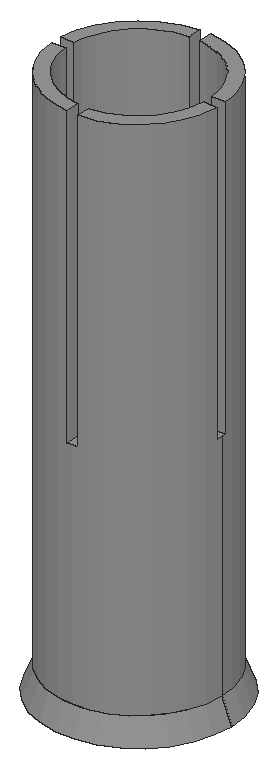
Revit family "Einschlaganker ES M 10x40", category Generic Models, Revit 2017
Family settings
  Can host rebar = No
  Round Connector Dimension = Use Diameter
  Part Type = Normal
  Work Plane-Based = No
  Always vertical = Yes
  Cut with Voids When Loaded = No
  Shared = No
  Room Calculation Point = No
Parameters (values of type "ES M 10x40")
  URL = "http://www.obo-bettermann.com"
  Material = Electrogalvanised
  Manufacturer Art.No. = "3492024"
  Manufacturer = "OBO BETTERMANN"
  GTIN = "4012196709656"
  Article Type = "ES M 10x40"
Reference planes
  plane 1 "Center (Front/Back)": y = 0
  plane 2: z = 0
  plane 3 "Center (Left/Right)": x = 0
  plane 4: z = 40
  plane 5: z = 1.73
  plane 6: x = -6.7
  plane 7: x = 6.7
  plane 8: z = 18.5
  plane 9: z = 18.5
  plane 10: through (0, 0, 1200) normal (-0.7071, -0.7071, 0)
  plane 11: z = 18.5
  plane 12: z = 18.5
Forms (mm)
  Extrusion 1, solid, material "Electrogalvanised" <- "Material"
    sketch origin (0, 0, 0) x (1, 0, 0) y (0, 1, 0)
      loop
        circle (0, 0) r 6
      loop
        circle (0, 0) r 5
    from 1.73 to 40
  Revolve 2, solid, material "Electrogalvanised" <- "Material"
    sketch origin (0, 0, 0) x (1, 0, 0) y (0, 0, 1)
      loop
        line (6, 1.73) -> (5.001, 1.73) -> (5.001, 0) -> (6.7, 0) -> (6, 1.73)
      axis (0, 1.73) -> (0, 0)
    angle from 0 to 360
  Extrusion 3, void
    sketch origin (0, 0, 0) x (1, 0, 0) y (0, 0, 1)
      loop
        line (-0.4, 40) -> (-0.4, 18.5) -> (0.4, 18.5) -> (0.4, 40) -> (-0.4, 40)
    from 4.761 to 6.767
  Extrusion 4, void
    sketch origin (0, 0, 0) x (1, 0, 0) y (0, 0, -1)
      loop
        line (-0.4, -40) -> (0.4, -40) -> (0.4, -18.5) -> (-0.4, -18.5) -> (-0.4, -40)
    from 4.761 to 6.767
  Extrusion 5, void
    sketch origin (0, 0, 0) x (0, -1, 0) y (0, 0, -1)
      loop
        line (-0.4, -40) -> (0.4, -40) -> (0.4, -18.5) -> (-0.4, -18.5) -> (-0.4, -40)
    from 4.761 to 6.767
  Extrusion 6, void
    sketch origin (0, 0, 0) x (0, -1, 0) y (0, 0, 1)
      loop
        line (-0.4, 40) -> (-0.4, 18.5) -> (0.4, 18.5) -> (0.4, 40) -> (-0.4, 40)
    from 4.761 to 6.767
Cuts and joins
  Extrusion 3, Extrusion 4, Extrusion 5, Extrusion 6 cuts Extrusion 1
Dimensions and locks
  locked: plane 3 "Center (Left/Right)" to Extrusion 1 sketch curve  (x2)
  locked: plane 3 "Center (Left/Right)" to Extrusion 1 sketch curve at 5
  locked: plane 3 "Center (Left/Right)" to Extrusion 1 sketch curve at 6
  locked: Extrusion 1 to level at 1.73
  locked: plane 4 to level at 40
  locked: Extrusion 1 to Revolve 2 sketch curve at 1.73
  locked: Revolve 2 sketch curve to Revolve 2 sketch curve at 0.999
  locked: Revolve 2 sketch curve to Revolve 2 sketch curve at 1.699
  locked: Extrusion 1 to Revolve 2 at 40
  locked: Extrusion 1 to plane 8 at 21.5
  locked: Extrusion 3 sketch curve to Extrusion 3 sketch curve at 0.8
  locked: plane 3 "Center (Left/Right)" to Extrusion 3 sketch curve at 0.4
  locked: Extrusion 1 to Extrusion 3 sketch curve at 21.5
  locked: Extrusion 4 sketch curve to Extrusion 4 sketch curve at 0.8
  locked: Extrusion 5 sketch curve to Extrusion 5 sketch curve at 0.8
  locked: Extrusion 6 sketch curve to Extrusion 6 sketch curve at 0.8
  locked: cut or joined group of Extrusion 1, Extrusion 3, Extrusion 4, Extrusion 5, Extrusion 6 to Revolve 2 at 40
  aligned and locked: level to plane 2
  aligned and locked: plane 4 to Extrusion 1
  aligned and locked: Extrusion 1 to plane 5
  aligned and locked: Revolve 2 sketch curve to plane 3 "Center (Left/Right)"
  aligned and locked: Revolve 2 sketch curve to plane 5
  aligned and locked: level to Revolve 2 sketch curve
